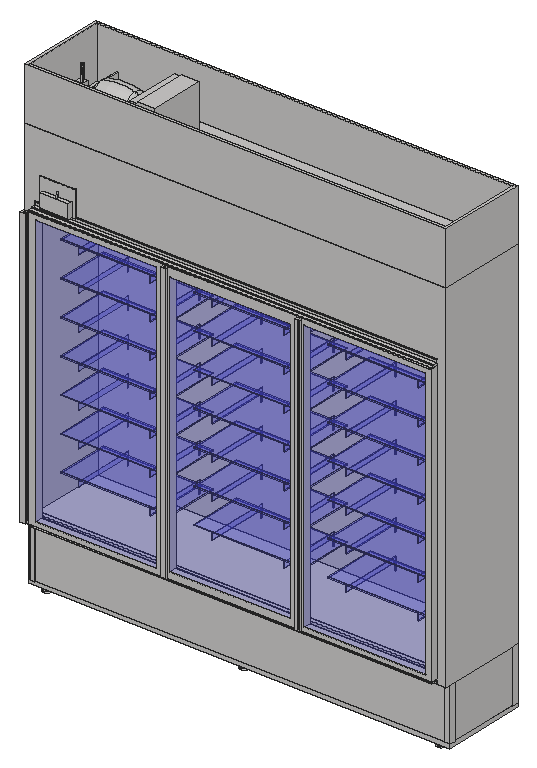
Revit family "Food-Service-Equipment_Oscartek_Muro_Gala-2274Sc_cat", category Specialty Equipment, Revit 2026 (continued)
Definition of nested family "MURO GALA 2274SC"
  Forms (in)
    Extrusion 27, solid, visible <- "Wine Shelf"
      sketch origin (52.46875, 6.33903, 48) x (0, 1, 0) y (0, 0, -1)
        loop
          line (-21.88361, 32.28425) -> (-21.6951, 32.28425) -> (-21.6951, 32.63395) -> (-15.25009, 32.63395) -> (-8.56962, 32.63395) -> (-8.56962, 35.36236) -> (-8.86913, 35.36236) -> (-8.86913, 33.80216) -> (-21.88361, 33.80216) -> (-21.88361, 32.28425)
      from 0 to 0.125
    Extrusion 28, solid, visible <- "Wine Shelf"
      sketch origin (80.90625, 6.33903, 48) x (0, 1, 0) y (0, 0, -1)
        loop
          line (-21.88361, -12.03383) -> (-21.6951, -12.03383) -> (-21.6951, -11.68413) -> (-15.25009, -11.68413) -> (-8.56962, -11.68413) -> (-8.56962, -8.95572) -> (-8.86913, -8.95572) -> (-8.86913, -10.51592) -> (-21.88361, -10.51592) -> (-21.88361, -12.03383)
        loop
          line (-21.88361, -4.64453) -> (-21.6951, -4.64453) -> (-21.6951, -4.29483) -> (-15.25009, -4.29483) -> (-8.56962, -4.29483) -> (-8.56962, -1.56642) -> (-8.86913, -1.56642) -> (-8.86913, -3.12662) -> (-21.88361, -3.12662) -> (-21.88361, -4.64453)
        loop
          line (-21.88361, 2.74477) -> (-21.6951, 2.74477) -> (-21.6951, 3.09447) -> (-15.25009, 3.09447) -> (-8.56962, 3.09447) -> (-8.56962, 5.82288) -> (-8.86913, 5.82288) -> (-8.86913, 4.26267) -> (-21.88361, 4.26267) -> (-21.88361, 2.74477)
        loop
          line (-21.88361, 10.13407) -> (-21.6951, 10.13407) -> (-21.6951, 10.48377) -> (-15.25009, 10.48377) -> (-8.56962, 10.48377) -> (-8.56962, 13.21217) -> (-8.86913, 13.21217) -> (-8.86913, 11.65197) -> (-21.88361, 11.65197) -> (-21.88361, 10.13407)
        loop
          line (-21.88361, 17.52337) -> (-21.6951, 17.52337) -> (-21.6951, 17.87307) -> (-15.25009, 17.87307) -> (-8.56962, 17.87307) -> (-8.56962, 20.60147) -> (-8.86913, 20.60147) -> (-8.86913, 19.04127) -> (-21.88361, 19.04127) -> (-21.88361, 17.52337)
        loop
          line (-21.88361, 24.91267) -> (-21.6951, 24.91267) -> (-21.6951, 25.26237) -> (-15.25009, 25.26237) -> (-8.56962, 25.26237) -> (-8.56962, 27.99077) -> (-8.86913, 27.99077) -> (-8.86913, 26.43057) -> (-21.88361, 26.43057) -> (-21.88361, 24.91267)
        loop
          line (-21.88361, 32.28425) -> (-21.6951, 32.28425) -> (-21.6951, 32.63395) -> (-15.25009, 32.63395) -> (-8.56962, 32.63395) -> (-8.56962, 35.36236) -> (-8.86913, 35.36236) -> (-8.86913, 33.80216) -> (-21.88361, 33.80216) -> (-21.88361, 32.28425)
      from 0 to 0.125
    Extrusion 29, solid, visible <- "Deli/Pastry"
      sketch origin (88.5625, 0, 0) x (0, 1, 0) y (0, 0, -1)
        loop
          line (-14.3619, -52.33424) -> (-14.3619, -52.64952) -> (-4.5494, -52.64952) -> (-4.5494, -52.33424) -> (-14.3619, -52.33424)
        loop
          line (-14.3619, -37.55564) -> (-14.3619, -37.87092) -> (-4.5494, -37.87092) -> (-4.5494, -37.55564) -> (-14.3619, -37.55564)
        loop
          line (-14.3619, -22.77704) -> (-14.3619, -23.09232) -> (-4.5494, -23.09232) -> (-4.5494, -22.77704) -> (-14.3619, -22.77704)
      from 3.625 to 27.0625
    Extrusion 30, solid, visible <- "Meat Shelf"
      sketch origin (80.90625, 6.33903, 48) x (0, 1, 0) y (0, 0, -1)
        loop
          line (-20.93778, 10.13407) -> (-20.74927, 10.13407) -> (-20.74927, 10.48377) -> (-8.56962, 10.48377) -> (-8.56962, 13.21217) -> (-8.86913, 13.21217) -> (-8.86913, 11.65497) -> (-20.93778, 11.65497) -> (-20.93778, 10.13407)
        loop
          line (-20.93778, 24.91267) -> (-20.74927, 24.91267) -> (-20.74927, 25.26237) -> (-8.56962, 25.26237) -> (-8.56962, 27.99077) -> (-8.86913, 27.99077) -> (-8.86913, 26.43356) -> (-20.93778, 26.43356) -> (-20.93778, 24.91267)
      from 0 to 0.125
    Extrusion 31, solid, visible <- "Meat Shelf"
      sketch origin (88.5625, 0, 0) x (0, 1, 0) y (0, 0, -1)
        loop
          line (-4.5494, -37.87092) -> (-4.5494, -37.55564) -> (-14.3619, -37.55564) -> (-14.3619, -37.87092) -> (-4.5494, -37.87092)
        loop
          line (-4.5494, -23.09232) -> (-4.5494, -22.77704) -> (-14.3619, -22.77704) -> (-14.3619, -23.09232) -> (-4.5494, -23.09232)
      from 3.625 to 27.0625
    Extrusion 32, solid, visible <- "Meat Shelf"
      sketch origin (65.53125, 6.33903, 48) x (0, 1, 0) y (0, 0, 1)
        loop
          line (-20.93778, -10.13407) -> (-20.93778, -11.65497) -> (-8.86913, -11.65497) -> (-8.86913, -13.21217) -> (-8.56962, -13.21217) -> (-8.56962, -10.48377) -> (-20.74927, -10.48377) -> (-20.74927, -10.13407) -> (-20.93778, -10.13407)
        loop
          line (-20.93778, -24.91267) -> (-20.93778, -26.43356) -> (-8.86913, -26.43356) -> (-8.86913, -27.99077) -> (-8.56962, -27.99077) -> (-8.56962, -25.26237) -> (-20.74927, -25.26237) -> (-20.74927, -24.91267) -> (-20.93778, -24.91267)
      from 0 to 0.125
    Extrusion 33, solid, visible <- "Deli/Pastry"
      sketch origin (80.90625, 6.33903, 48) x (0, 1, 0) y (0, 0, -1)
        loop
          line (-20.93778, -4.64453) -> (-20.74927, -4.64453) -> (-20.74927, -4.29483) -> (-15.25009, -4.29483) -> (-8.56962, -4.29483) -> (-8.56962, -1.56642) -> (-8.86913, -1.56642) -> (-8.86913, -3.12662) -> (-20.93778, -3.12662) -> (-20.93778, -4.64453)
        loop
          line (-20.93778, 10.13407) -> (-20.74927, 10.13407) -> (-20.74927, 10.48377) -> (-15.25009, 10.48377) -> (-8.56962, 10.48377) -> (-8.56962, 13.21217) -> (-8.86913, 13.21217) -> (-8.86913, 11.65197) -> (-20.93778, 11.65197) -> (-20.93778, 10.13407)
        loop
          line (-20.93778, 24.91267) -> (-20.74927, 24.91267) -> (-20.74927, 25.26237) -> (-15.25009, 25.26237) -> (-8.56962, 25.26237) -> (-8.56962, 27.99077) -> (-8.86913, 27.99077) -> (-8.86913, 26.43057) -> (-20.93778, 26.43057) -> (-20.93778, 24.91267)
      from 0 to 0.125
    Extrusion 34, solid, visible <- "Deli/Pastry"
      sketch origin (65.53125, 6.33903, 48) x (0, 1, 0) y (0, 0, 1)
        loop
          line (-20.93778, 4.64453) -> (-20.93778, 3.12662) -> (-8.86913, 3.12662) -> (-8.86913, 1.56642) -> (-8.56962, 1.56642) -> (-8.56962, 4.29483) -> (-15.25009, 4.29483) -> (-20.74927, 4.29483) -> (-20.74927, 4.64453) -> (-20.93778, 4.64453)
        loop
          line (-20.93778, -10.13407) -> (-20.93778, -11.65197) -> (-8.86913, -11.65197) -> (-8.86913, -13.21217) -> (-8.56962, -13.21217) -> (-8.56962, -10.48377) -> (-15.25009, -10.48377) -> (-20.74927, -10.48377) -> (-20.74927, -10.13407) -> (-20.93778, -10.13407)
        loop
          line (-20.93778, -24.91267) -> (-20.93778, -26.43057) -> (-8.86913, -26.43057) -> (-8.86913, -27.99077) -> (-8.56962, -27.99077) -> (-8.56962, -25.26237) -> (-15.25009, -25.26237) -> (-20.74927, -25.26237) -> (-20.74927, -24.91267) -> (-20.93778, -24.91267)
      from 0 to 0.125
    Extrusion 35, solid, visible <- "Wine Shelf"
      sketch origin (88.5625, 0, 0) x (0, 1, 0) y (0, 0, -1)
        loop
          line (-15.30773, -60.03383) -> (-3.87895, -60.03383) -> (-3.87895, -59.72354) -> (-15.30773, -59.72354) -> (-15.30773, -60.03383)
        loop
          line (-15.30773, -52.64453) -> (-3.87895, -52.64453) -> (-3.87895, -52.33424) -> (-15.30773, -52.33424) -> (-15.30773, -52.64453)
        loop
          line (-15.30773, -45.25523) -> (-3.87895, -45.25523) -> (-3.87895, -44.94494) -> (-15.30773, -44.94494) -> (-15.30773, -45.25523)
        loop
          line (-15.30773, -37.86593) -> (-3.87895, -37.86593) -> (-3.87895, -37.55564) -> (-15.30773, -37.55564) -> (-15.30773, -37.86593)
        loop
          line (-15.30773, -30.47663) -> (-3.87895, -30.47663) -> (-3.87895, -30.16634) -> (-15.30773, -30.16634) -> (-15.30773, -30.47663)
        loop
          line (-15.30773, -23.08733) -> (-3.87895, -23.08733) -> (-3.87895, -22.77704) -> (-15.30773, -22.77704) -> (-15.30773, -23.08733)
        loop
          line (-15.30773, -15.71575) -> (-3.87895, -15.71575) -> (-3.87895, -15.40546) -> (-15.30773, -15.40546) -> (-15.30773, -15.71575)
      from 3.625 to 27.0625
    Extrusion 36, solid, visible <- "Wine Shelf"
      sketch origin (65.53125, 6.33903, 48) x (0, 1, 0) y (0, 0, 1)
        loop
          line (-21.88361, 12.03383) -> (-21.88361, 10.51592) -> (-8.86913, 10.51592) -> (-8.86913, 8.95572) -> (-8.56962, 8.95572) -> (-8.56962, 11.68413) -> (-15.25009, 11.68413) -> (-21.6951, 11.68413) -> (-21.6951, 12.03383) -> (-21.88361, 12.03383)
        loop
          line (-21.88361, 4.64453) -> (-21.88361, 3.12662) -> (-8.86913, 3.12662) -> (-8.86913, 1.56642) -> (-8.56962, 1.56642) -> (-8.56962, 4.29483) -> (-15.25009, 4.29483) -> (-21.6951, 4.29483) -> (-21.6951, 4.64453) -> (-21.88361, 4.64453)
        loop
          line (-21.88361, -2.74477) -> (-21.88361, -4.26267) -> (-8.86913, -4.26267) -> (-8.86913, -5.82288) -> (-8.56962, -5.82288) -> (-8.56962, -3.09447) -> (-15.25009, -3.09447) -> (-21.6951, -3.09447) -> (-21.6951, -2.74477) -> (-21.88361, -2.74477)
        loop
          line (-21.88361, -10.13407) -> (-21.88361, -11.65197) -> (-8.86913, -11.65197) -> (-8.86913, -13.21217) -> (-8.56962, -13.21217) -> (-8.56962, -10.48377) -> (-15.25009, -10.48377) -> (-21.6951, -10.48377) -> (-21.6951, -10.13407) -> (-21.88361, -10.13407)
        loop
          line (-21.88361, -17.52337) -> (-21.88361, -19.04127) -> (-8.86913, -19.04127) -> (-8.86913, -20.60147) -> (-8.56962, -20.60147) -> (-8.56962, -17.87307) -> (-15.25009, -17.87307) -> (-21.6951, -17.87307) -> (-21.6951, -17.52337) -> (-21.88361, -17.52337)
        loop
          line (-21.88361, -24.91267) -> (-21.88361, -26.43057) -> (-8.86913, -26.43057) -> (-8.86913, -27.99077) -> (-8.56962, -27.99077) -> (-8.56962, -25.26237) -> (-15.25009, -25.26237) -> (-21.6951, -25.26237) -> (-21.6951, -24.91267) -> (-21.88361, -24.91267)
        loop
          line (-21.88361, -32.28425) -> (-21.88361, -33.80216) -> (-8.86913, -33.80216) -> (-8.86913, -35.36236) -> (-8.56962, -35.36236) -> (-8.56962, -32.63395) -> (-15.25009, -32.63395) -> (-21.6951, -32.63395) -> (-21.6951, -32.28425) -> (-21.88361, -32.28425)
      from 0 to 0.125
  Cuts and joins
    joined: Extrusion 6, Extrusion 7, Extrusion 8
  Lines and regions (in)
    Split face 1
      outline origin (87.5, 0, 6.0625) x (-1, 0, 0) y (0, 0, 1)
        loop
          circle (42.75, 70.75652) r 0.5
    symbolic lines
      curve 1: line (0, 0, 0) -> (89.5, 0, 0)
      curve 2: line (0, -18.875, 0) -> (0, 0, 0)
      curve 3: line (89.5, -18.875, 0) -> (0, -18.875, 0)
      curve 4: line (89.5, 0, 0) -> (89.5, -18.875, 0)
      curve 5: line (0.875, -18.875, 0) -> (0.875, -20.31325, 0)
      curve 6: line (87.58411, -20.31325, 0) -> (0.875, -20.31325, 0)
      curve 7: line (87.58411, -20.31325, 0) -> (87.58411, -18.875, 0)
      curve 8: line (31.81745, -21.25, 0) -> (30.66062, -21.25, 0)
      curve 9: line (30.66062, -21.25, 0) -> (30.66062, -20.31325, 0)
      curve 10: line (31.81745, -21.05297, 0) -> (31.81745, -21.25, 0)
      curve 11: line (31.81745, -21.05297, 0) -> (31.26574, -21.05297, 0)
      curve 12: line (31.26574, -21.05297, 0) -> (31.26574, -20.31325, 0)
      curve 13: arc (0.89922, -20.31325, 0) -> (1.89745, -27.91651, 0) -> (4.82448, -35.00443, 0) r 29.45512
      curve 14: arc (30.66062, -20.26476, 0) -> (31.63339, -27.65365, 0) -> (34.48539, -34.539, 0) r 28.54848
      curve 15: line (4.82448, -35.00443, 0) -> (30.35434, -20.31325, 0)
      curve 16: line (34.48539, -34.539, 0) -> (59.20911, -20.26476, 0)
      curve 17: line (0.875, -20.31325, 0) -> (0.875, -21.25, 0)
      curve 18: line (0.875, -21.25, 0) -> (1.94625, -21.25, 0)
      curve 19: line (1.94625, -21.25, 0) -> (1.94625, -21.05297, 0)
      curve 20: line (1.94625, -21.05297, 0) -> (1.39454, -21.05297, 0)
      curve 21: line (1.39454, -21.05297, 0) -> (1.39454, -20.31325, 0)
      curve 22: line (60.30003, -21.25, 0) -> (59.14321, -21.25, 0)
      curve 23: line (59.14321, -21.25, 0) -> (59.14321, -20.31325, 0)
      curve 24: line (60.30003, -21.05297, 0) -> (60.30003, -21.25, 0)
      curve 25: line (60.30003, -21.05297, 0) -> (59.74832, -21.05297, 0)
      curve 26: line (59.74832, -21.05297, 0) -> (59.74832, -20.31325, 0)
      curve 27: arc (59.14321, -20.26476, 0) -> (60.11598, -27.65365, 0) -> (62.96798, -34.539, 0) r 28.54848
      curve 28: line (62.96798, -34.539, 0) -> (87.69169, -20.26476, 0)
  Dimensions and locks (in)
    equal spacing: plane 3 "LEFT", plane 7 "Center Y", plane 4 "RIGHT"
    "Length": plane 3 "LEFT" to plane 4 "RIGHT"
    equal spacing: plane 5 "FRONT", plane 8 "Center X", plane 1 "BACK"
    "Depth": plane 5 "FRONT" to plane 1 "BACK"
    "Height": plane 6 "TOP" to level
    plane 1 "BACK" to plane 9 = 18 7/8"
    plane 14 to plane 1 "BACK" = 17 7/8"
    plane 5 "FRONT" to plane 1 "BACK" = 21 1/4"
    plane 6 "TOP" to plane 2 = 82 3/16"
    Extrusion 4 to Extrusion 4 = 59 1/16"
    cut or joined group of Extrusion 6, Extrusion 7, Extrusion 8 to Extrusion 1 = 76 1/8"
    plane 6 "TOP" to plane 19 = 76 1/8"
    plane 2 to plane 19 = 6 1/16"
    Extrusion 5 to Extrusion 5 = 59 9/16"
    aligned and locked: level to plane 2
  Automatic sketch dimensions
    curve 3 to plane 3 "LEFT" = 0"
    plane 5 "FRONT" to curve 18 = 0"
    plane 9 to curve 5 = 0"
    plane 5 "FRONT" to curve 8 = 0"
    plane 5 "FRONT" to curve 22 = 0"
    plane 1 "BACK" to curve 1 = 0"
    curve 1 to plane 4 "RIGHT" = 0"
    curve 18 to plane 16 = 1/16"
    curve 21 to plane 5 "FRONT" = 0.19703"
    curve 17 to curve 21 = 133/256"
    curve 20 to curve 18 = 0.55171"
    curve 15 to plane 16 = 4.01198"
    curve 13 to curve 8 = 0.30628"
    curve 11 to plane 5 "FRONT" = 0.19703"
    curve 8 to curve 11 = 0.60511"
    curve 11 to curve 11 = 0.55171"
    curve 16 to plane 17 = 1.42289"
    plane 7 "Center Y" to curve 22 = 14.39321"
    curve 23 to curve 14 = 0.0659"
    curve 26 to plane 5 "FRONT" = 0.19703"
    curve 22 to curve 26 = 0.60511"
    curve 25 to curve 22 = 0.55171"
    curve 22 to curve 28 = 2.66795"
    curve 7 to plane 5 "FRONT" = 0.93675"
    plane 4 "RIGHT" to curve 7 = 1.91589"
    curve 6 to curve 27 = 0.10759"
    plane 5 "FRONT" to curve 28 = 13.289"
    plane 5 "FRONT" to curve 16 = 13.289"
    plane 5 "FRONT" to curve 15 = 13.75443"
    curve 6 to curve 27 = 0.04849"
    curve 27 to curve 14 = 0"
    curve 15 to curve 13 = 0"
    curve 16 to plane 5 "FRONT" = 0.98524"
    curve 16 to curve 14 = 0"
    curve 28 to curve 27 = 0"  (x2)
    Extrusion 1 sketch curve to plane 9 = 0"
    Extrusion 1 sketch curve to plane 9 = 0.16595"  (x2)
    Extrusion 1 sketch curve to plane 9 = 0.17479"
    Extrusion 1 sketch curve to plane 14 = 0.03556"
    Extrusion 1 sketch curve to plane 14 = 0.01696"
    plane 9 to Extrusion 1 sketch curve = 0.03103"
    plane 9 to Extrusion 1 sketch curve = 0.83928"
    Extrusion 1 sketch curve to plane 5 "FRONT" = 0.93901"
    Extrusion 1 sketch curve to Extrusion 1 sketch curve = 0.59897"
    Extrusion 1 sketch curve to Extrusion 1 sketch curve = 0.64258"
    Extrusion 1 sketch curve to Extrusion 1 sketch curve = 0.11815"
    Extrusion 1 sketch curve to Extrusion 1 sketch curve = 1.74058"
    Extrusion 1 sketch curve to plane 6 "TOP" = 15.6731"
    Extrusion 1 sketch curve to Extrusion 1 sketch curve = 0.30546"
    Extrusion 1 sketch curve to Extrusion 1 sketch curve = 1/8"
    Extrusion 1 sketch curve to Extrusion 1 sketch curve = 21/64"
    Extrusion 1 sketch curve to Extrusion 1 sketch curve = 0.66147"
    Extrusion 1 sketch curve to Extrusion 1 sketch curve = 0.19053"
    Extrusion 2 sketch curve to plane 11 = 0"  (x3)
    Extrusion 2 sketch curve to plane 10 = 1/2"  (x3)
    Extrusion 2 sketch curve to plane 11 = 1 1/16"  (x2)
    Extrusion 2 sketch curve to plane 11 = 1.96547"
    plane 10 to Extrusion 2 sketch curve = 1.04766"
    plane 10 to Extrusion 2 sketch curve = 9/16"  (x2)
    Extrusion 2 sketch curve to plane 16 = 2.63894"
    Extrusion 2 sketch curve to plane 16 = 1.10818"
    Extrusion 2 sketch curve to Extrusion 2 sketch curve = 0.39186"
    plane 17 to Extrusion 2 sketch curve = 1.13805"
    plane 7 "Center Y" to Extrusion 2 sketch curve = 12.80185"
    Extrusion 2 sketch curve to Extrusion 2 sketch curve = 1.23435"
    Extrusion 2 sketch curve to Extrusion 2 sketch curve = 0.38648"
    Extrusion 2 sketch curve to Extrusion 2 sketch curve = 1.23972"
    plane 4 "RIGHT" to Extrusion 2 sketch curve = 3.15253"
    Extrusion 2 sketch curve to Extrusion 2 sketch curve = 1.23663"
    Extrusion 3 sketch curve to plane 13 = 1 1/16"  (x2)
    Extrusion 3 sketch curve to plane 13 = 1.96547"
    plane 12 to Extrusion 3 sketch curve = 1.04766"
    plane 12 to Extrusion 3 sketch curve = 9/16"  (x2)
    Extrusion 3 sketch curve to plane 16 = 2.63894"
    plane 17 to Extrusion 3 sketch curve = 1.13805"
    plane 7 "Center Y" to Extrusion 3 sketch curve = 12.80185"
    Extrusion 3 sketch curve to Extrusion 3 sketch curve = 2.86055"
    plane 4 "RIGHT" to Extrusion 3 sketch curve = 3.15253"
    Extrusion 4 sketch curve to Extrusion 2 = 0"
    Extrusion 2 to Extrusion 4 sketch curve = 0"  (x2)
    Extrusion 2 to Extrusion 4 sketch curve = 1.04568"
    Extrusion 4 sketch curve to Extrusion 4 sketch curve = 133/256"
    Extrusion 4 sketch curve to Extrusion 2 = 0.02558"
    Extrusion 4 sketch curve to Extrusion 2 = 0.39186"
    Extrusion 4 sketch curve to Extrusion 4 sketch curve = 0.57564"  (x2)
    Extrusion 4 sketch curve to Extrusion 4 sketch curve = 0.55171"  (x2)
    Extrusion 4 sketch curve to Extrusion 4 sketch curve = 27.35524"
    Extrusion 4 sketch curve to Extrusion 2 = 0.78821"  (x3)
    Extrusion 4 sketch curve to Extrusion 4 sketch curve = 0.19703"  (x3)
    Extrusion 5 sketch curve to Extrusion 2 = 0"  (x2)
    Extrusion 2 to Extrusion 5 sketch curve = 0"  (x2)
    Extrusion 2 to Extrusion 5 sketch curve = 1.02142"
    Extrusion 5 sketch curve to Extrusion 5 sketch curve = 0.39186"
    Extrusion 5 sketch curve to Extrusion 2 = 28.0961"
    Extrusion 5 sketch curve to Extrusion 5 sketch curve = 0.38648"
    Extrusion 5 sketch curve to Extrusion 5 sketch curve = 28.41142"
    Extrusion 6 sketch curve to plane 6 "TOP" = 0"
    Extrusion 6 sketch curve to plane 9 = 0"
    Extrusion 6 sketch curve to plane 1 "BACK" = 0"
    Extrusion 6 sketch curve to plane 14 = 0.03556"
    Extrusion 6 sketch curve to plane 14 = 0.01696"
    plane 15 to Extrusion 6 sketch curve = 0.15764"
    plane 1 "BACK" to Extrusion 6 sketch curve = 2.08871"
    Extrusion 6 sketch curve to plane 6 "TOP" = 15.6731"
    Extrusion 6 sketch curve to Extrusion 6 sketch curve = 1.4856"
    Extrusion 6 sketch curve to Extrusion 6 sketch curve = 4.27825"
    Extrusion 7 sketch curve to plane 6 "TOP" = 0"
    Extrusion 7 sketch curve to plane 9 = 0"
    Extrusion 7 sketch curve to plane 1 "BACK" = 0"
    Extrusion 8 sketch curve to plane 1 "BACK" = 0"
    Extrusion 8 sketch curve to plane 9 = 0"
    Extrusion 8 sketch curve to plane 6 "TOP" = 0"
    Split face 1 sketch curve to cut or joined group of Extrusion 6, Extrusion 7, Extrusion 8 = 70.75652"
    Split face 1 sketch curve to cut or joined group of Extrusion 6, Extrusion 7, Extrusion 8 = 44 3/4"
    Extrusion 9 sketch curve to plane 8 "Center X" = 0.40481"
    Extrusion 9 sketch curve to plane 8 "Center X" = 0.17499"
    plane 8 "Center X" to Extrusion 9 sketch curve = 0.10088"
    plane 8 "Center X" to Extrusion 9 sketch curve = 0.18634"
    Extrusion 9 sketch curve to Extrusion 9 sketch curve = 1.18229"  (x3)
    Extrusion 9 sketch curve to Extrusion 9 sketch curve = 0.08546"
    Extrusion 9 sketch curve to Extrusion 9 sketch curve = 0.27587"
    Extrusion 9 sketch curve to Extrusion 9 sketch curve = 0.22982"
    Extrusion 9 sketch curve to plane 6 "TOP" = 19.30897"
    Extrusion 9 sketch curve to Extrusion 9 sketch curve = 0.15764"  (x3)
    Extrusion 9 sketch curve to Extrusion 9 sketch curve = 0.3941"  (x2)
    plane 15 to Extrusion 10 sketch curve = 1.55919"  (x7)
    Extrusion 10 sketch curve to Extrusion 10 sketch curve = 0.1885"  (x7)
    plane 8 "Center X" to Extrusion 10 sketch curve = 1.71395"  (x7)
    plane 1 "BACK" to Extrusion 10 sketch curve = 2.5301"  (x7)
    Extrusion 10 sketch curve to Extrusion 10 sketch curve = 0.29951"  (x7)
    Extrusion 10 sketch curve to Extrusion 10 sketch curve = 1.16821"  (x7)
    Extrusion 10 sketch curve to Extrusion 10 sketch curve = 0.3497"  (x7)
    Extrusion 10 sketch curve to Extrusion 10 sketch curve = 4.64318"
    Extrusion 10 sketch curve to Extrusion 10 sketch curve = 5.85368"
    Extrusion 10 sketch curve to Extrusion 10 sketch curve = 4.66089"  (x5)
    Extrusion 10 sketch curve to Extrusion 10 sketch curve = 5.8714"
    Extrusion 10 sketch curve to Extrusion 10 sketch curve = 1.5602"  (x5)
    plane 15 to Extrusion 11 sketch curve = 2.74186"  (x3)
    plane 1 "BACK" to Extrusion 11 sketch curve = 4.5494"  (x3)
    Extrusion 11 sketch curve to Extrusion 11 sketch curve = 0.31528"  (x3)
    Extrusion 11 sketch curve to Extrusion 11 sketch curve = 14.46332"  (x2)
    plane 15 to Extrusion 12 sketch curve = 2.50502"  (x2)
    Extrusion 12 sketch curve to Extrusion 12 sketch curve = 0.1885"  (x2)
    plane 1 "BACK" to Extrusion 12 sketch curve = 2.5301"  (x2)
    Extrusion 12 sketch curve to Extrusion 12 sketch curve = 0.29951"  (x2)
    Extrusion 12 sketch curve to Extrusion 12 sketch curve = 1.55721"  (x2)
    Extrusion 12 sketch curve to Extrusion 12 sketch curve = 1.1712"  (x2)
    Extrusion 12 sketch curve to Extrusion 12 sketch curve = 0.3497"  (x2)
    Extrusion 12 sketch curve to Extrusion 12 sketch curve = 12.05019"
    plane 15 to Extrusion 13 sketch curve = 2.74186"  (x2)
    plane 1 "BACK" to Extrusion 13 sketch curve = 4.5494"  (x2)
    Extrusion 13 sketch curve to Extrusion 13 sketch curve = 0.31528"  (x2)
    Extrusion 13 sketch curve to Extrusion 13 sketch curve = 14.46332"
    plane 15 to Extrusion 14 sketch curve = 2.50502"  (x2)
    Extrusion 14 sketch curve to Extrusion 14 sketch curve = 0.1885"  (x2)
    plane 1 "BACK" to Extrusion 14 sketch curve = 2.5301"  (x2)
    Extrusion 14 sketch curve to Extrusion 14 sketch curve = 0.29951"  (x2)
    Extrusion 14 sketch curve to Extrusion 14 sketch curve = 0.3497"  (x2)
    Extrusion 14 sketch curve to Extrusion 14 sketch curve = 1.1712"  (x2)
    Extrusion 14 sketch curve to Extrusion 14 sketch curve = 1.55721"  (x2)
    Extrusion 14 sketch curve to Extrusion 14 sketch curve = 13.2577"
    plane 15 to Extrusion 15 sketch curve = 2.50502"  (x3)
    Extrusion 15 sketch curve to Extrusion 15 sketch curve = 0.1885"  (x3)
    plane 8 "Center X" to Extrusion 15 sketch curve = 1.71395"  (x3)
    plane 1 "BACK" to Extrusion 15 sketch curve = 2.5301"  (x3)
    Extrusion 15 sketch curve to Extrusion 15 sketch curve = 0.29951"  (x3)
    Extrusion 15 sketch curve to Extrusion 15 sketch curve = 1.5602"  (x3)
    Extrusion 15 sketch curve to Extrusion 15 sketch curve = 1.16821"  (x3)
    Extrusion 15 sketch curve to Extrusion 15 sketch curve = 0.3497"  (x3)
    Extrusion 15 sketch curve to Extrusion 15 sketch curve = 12.05019"  (x2)
    plane 15 to Extrusion 16 sketch curve = 2.50502"  (x3)
    Extrusion 16 sketch curve to Extrusion 16 sketch curve = 0.1885"  (x3)
    plane 8 "Center X" to Extrusion 16 sketch curve = 1.71395"  (x3)
    plane 1 "BACK" to Extrusion 16 sketch curve = 2.5301"  (x3)
    Extrusion 16 sketch curve to Extrusion 16 sketch curve = 0.29951"  (x3)
    Extrusion 16 sketch curve to plane 6 "TOP" = 29 139/256"
    Extrusion 16 sketch curve to Extrusion 16 sketch curve = 0.3497"  (x3)
    Extrusion 16 sketch curve to Extrusion 16 sketch curve = 1.16821"  (x3)
    Extrusion 16 sketch curve to Extrusion 16 sketch curve = 1.5602"  (x3)
    Extrusion 16 sketch curve to Extrusion 16 sketch curve = 13.26069"  (x2)
    plane 15 to Extrusion 17 sketch curve = 1.79603"  (x7)
    plane 1 "BACK" to Extrusion 17 sketch curve = 3.87895"  (x7)
    Extrusion 17 sketch curve to Extrusion 17 sketch curve = 0.31029"  (x7)
    Extrusion 17 sketch curve to Extrusion 17 sketch curve = 7.0613"
    Extrusion 17 sketch curve to Extrusion 17 sketch curve = 7.07901"  (x5)
    plane 15 to Extrusion 18 sketch curve = 1.55919"  (x7)
    Extrusion 18 sketch curve to Extrusion 18 sketch curve = 0.1885"  (x7)
    plane 8 "Center X" to Extrusion 18 sketch curve = 1.71395"  (x7)
    plane 1 "BACK" to Extrusion 18 sketch curve = 2.5301"  (x7)
    Extrusion 18 sketch curve to Extrusion 18 sketch curve = 0.29951"  (x7)
    Extrusion 18 sketch curve to plane 6 "TOP" = 22.15367"
    Extrusion 18 sketch curve to Extrusion 18 sketch curve = 0.3497"  (x7)
    Extrusion 18 sketch curve to Extrusion 18 sketch curve = 1.16821"  (x7)
    Extrusion 18 sketch curve to Extrusion 18 sketch curve = 1.5602"  (x7)
    Extrusion 18 sketch curve to Extrusion 18 sketch curve = 5.8714"  (x5)
    Extrusion 18 sketch curve to Extrusion 18 sketch curve = 5.85368"
    plane 15 to Extrusion 19 sketch curve = 1.55919"  (x7)
    Extrusion 19 sketch curve to Extrusion 19 sketch curve = 0.1885"  (x7)
    plane 8 "Center X" to Extrusion 19 sketch curve = 1.71395"  (x7)
    plane 1 "BACK" to Extrusion 19 sketch curve = 2.5301"  (x7)
    Extrusion 19 sketch curve to Extrusion 19 sketch curve = 0.29951"  (x7)
    Extrusion 19 sketch curve to Extrusion 19 sketch curve = 1.16821"  (x7)
    Extrusion 19 sketch curve to Extrusion 19 sketch curve = 0.3497"  (x7)
    Extrusion 19 sketch curve to Extrusion 19 sketch curve = 4.64318"
    Extrusion 19 sketch curve to Extrusion 19 sketch curve = 5.85368"
    Extrusion 19 sketch curve to Extrusion 19 sketch curve = 4.66089"  (x5)
    Extrusion 19 sketch curve to Extrusion 19 sketch curve = 5.8714"
    Extrusion 19 sketch curve to Extrusion 19 sketch curve = 1.5602"  (x5)
    plane 15 to Extrusion 20 sketch curve = 2.74186"  (x3)
    plane 1 "BACK" to Extrusion 20 sketch curve = 4.5494"  (x3)
    Extrusion 20 sketch curve to Extrusion 20 sketch curve = 0.31528"  (x3)
    Extrusion 20 sketch curve to Extrusion 20 sketch curve = 14.46332"  (x2)
    plane 15 to Extrusion 21 sketch curve = 2.50502"  (x2)
    Extrusion 21 sketch curve to Extrusion 21 sketch curve = 0.1885"  (x2)
    plane 1 "BACK" to Extrusion 21 sketch curve = 2.5301"  (x2)
    Extrusion 21 sketch curve to Extrusion 21 sketch curve = 0.29951"  (x2)
    Extrusion 21 sketch curve to Extrusion 21 sketch curve = 1.55721"  (x2)
    Extrusion 21 sketch curve to Extrusion 21 sketch curve = 1.1712"  (x2)
    Extrusion 21 sketch curve to Extrusion 21 sketch curve = 0.3497"  (x2)
    Extrusion 21 sketch curve to Extrusion 21 sketch curve = 12.05019"
    plane 15 to Extrusion 22 sketch curve = 2.74186"  (x2)
    plane 1 "BACK" to Extrusion 22 sketch curve = 4.5494"  (x2)
    Extrusion 22 sketch curve to Extrusion 22 sketch curve = 0.31528"  (x2)
    Extrusion 22 sketch curve to Extrusion 22 sketch curve = 14.46332"
    plane 15 to Extrusion 23 sketch curve = 2.50502"  (x2)
    Extrusion 23 sketch curve to Extrusion 23 sketch curve = 0.1885"  (x2)
    plane 1 "BACK" to Extrusion 23 sketch curve = 2.5301"  (x2)
    Extrusion 23 sketch curve to Extrusion 23 sketch curve = 0.29951"  (x2)
    Extrusion 23 sketch curve to Extrusion 23 sketch curve = 0.3497"  (x2)
    Extrusion 23 sketch curve to Extrusion 23 sketch curve = 1.1712"  (x2)
    Extrusion 23 sketch curve to Extrusion 23 sketch curve = 1.55721"  (x2)
    Extrusion 23 sketch curve to Extrusion 23 sketch curve = 13.2577"
    plane 15 to Extrusion 24 sketch curve = 2.50502"  (x3)
    Extrusion 24 sketch curve to Extrusion 24 sketch curve = 0.1885"  (x3)
    plane 8 "Center X" to Extrusion 24 sketch curve = 1.71395"  (x3)
    plane 1 "BACK" to Extrusion 24 sketch curve = 2.5301"  (x3)
    Extrusion 24 sketch curve to Extrusion 24 sketch curve = 0.29951"  (x3)
    Extrusion 24 sketch curve to Extrusion 24 sketch curve = 1.5602"  (x3)
    Extrusion 24 sketch curve to Extrusion 24 sketch curve = 1.16821"  (x3)
    Extrusion 24 sketch curve to Extrusion 24 sketch curve = 0.3497"  (x3)
    Extrusion 24 sketch curve to Extrusion 24 sketch curve = 12.05019"  (x2)
    plane 15 to Extrusion 25 sketch curve = 2.50502"  (x3)
    Extrusion 25 sketch curve to Extrusion 25 sketch curve = 0.1885"  (x3)
    plane 8 "Center X" to Extrusion 25 sketch curve = 1.71395"  (x3)
    plane 1 "BACK" to Extrusion 25 sketch curve = 2.5301"  (x3)
    Extrusion 25 sketch curve to Extrusion 25 sketch curve = 0.29951"  (x3)
    Extrusion 25 sketch curve to plane 6 "TOP" = 29 139/256"
    Extrusion 25 sketch curve to Extrusion 25 sketch curve = 0.3497"  (x3)
    Extrusion 25 sketch curve to Extrusion 25 sketch curve = 1.16821"  (x3)
    Extrusion 25 sketch curve to Extrusion 25 sketch curve = 1.5602"  (x3)
    Extrusion 25 sketch curve to Extrusion 25 sketch curve = 13.26069"  (x2)
    plane 15 to Extrusion 26 sketch curve = 1.79603"  (x7)
    plane 1 "BACK" to Extrusion 26 sketch curve = 3.87895"  (x7)
    Extrusion 26 sketch curve to Extrusion 26 sketch curve = 0.31029"  (x7)
    Extrusion 26 sketch curve to Extrusion 26 sketch curve = 7.0613"
    Extrusion 26 sketch curve to Extrusion 26 sketch curve = 7.07901"  (x5)
    plane 15 to Extrusion 27 sketch curve = 1.55919"  (x7)
    Extrusion 27 sketch curve to Extrusion 27 sketch curve = 0.1885"  (x7)
    plane 8 "Center X" to Extrusion 27 sketch curve = 1.71395"  (x7)
    plane 1 "BACK" to Extrusion 27 sketch curve = 2.5301"  (x7)
    Extrusion 27 sketch curve to Extrusion 27 sketch curve = 0.29951"  (x7)
    Extrusion 27 sketch curve to plane 6 "TOP" = 22.15367"
    Extrusion 27 sketch curve to Extrusion 27 sketch curve = 0.3497"  (x7)
    Extrusion 27 sketch curve to Extrusion 27 sketch curve = 1.16821"  (x7)
    Extrusion 27 sketch curve to Extrusion 27 sketch curve = 1.5602"  (x7)
    Extrusion 27 sketch curve to Extrusion 27 sketch curve = 5.8714"  (x5)
    Extrusion 27 sketch curve to Extrusion 27 sketch curve = 5.85368"
    plane 15 to Extrusion 28 sketch curve = 1.55919"  (x7)
    Extrusion 28 sketch curve to Extrusion 28 sketch curve = 0.1885"  (x7)
    plane 8 "Center X" to Extrusion 28 sketch curve = 1.71395"  (x7)
    plane 1 "BACK" to Extrusion 28 sketch curve = 2.5301"  (x7)
    Extrusion 28 sketch curve to Extrusion 28 sketch curve = 0.29951"  (x7)
    Extrusion 28 sketch curve to plane 6 "TOP" = 22.15367"
    Extrusion 28 sketch curve to Extrusion 28 sketch curve = 0.3497"  (x7)
    Extrusion 28 sketch curve to Extrusion 28 sketch curve = 1.16821"  (x7)
    Extrusion 28 sketch curve to Extrusion 28 sketch curve = 1.5602"  (x7)
    Extrusion 28 sketch curve to Extrusion 28 sketch curve = 5.8714"  (x5)
    Extrusion 28 sketch curve to Extrusion 28 sketch curve = 5.85368"
    plane 15 to Extrusion 29 sketch curve = 2.74186"  (x3)
    plane 1 "BACK" to Extrusion 29 sketch curve = 4.5494"  (x3)
    Extrusion 29 sketch curve to plane 6 "TOP" = 29.53798"
    Extrusion 29 sketch curve to Extrusion 29 sketch curve = 0.31528"  (x3)
    Extrusion 29 sketch curve to Extrusion 29 sketch curve = 14.46332"  (x2)
    plane 15 to Extrusion 30 sketch curve = 2.50502"  (x2)
    Extrusion 30 sketch curve to Extrusion 30 sketch curve = 0.1885"  (x2)
    plane 1 "BACK" to Extrusion 30 sketch curve = 2.5301"  (x2)
    Extrusion 30 sketch curve to Extrusion 30 sketch curve = 0.29951"  (x2)
    Extrusion 30 sketch curve to Extrusion 30 sketch curve = 0.3497"  (x2)
    Extrusion 30 sketch curve to Extrusion 30 sketch curve = 1.1712"  (x2)
    Extrusion 30 sketch curve to Extrusion 30 sketch curve = 1.55721"  (x2)
    Extrusion 30 sketch curve to Extrusion 30 sketch curve = 13.2577"
    plane 15 to Extrusion 31 sketch curve = 2.74186"  (x2)
    plane 1 "BACK" to Extrusion 31 sketch curve = 4.5494"  (x2)
    Extrusion 31 sketch curve to Extrusion 31 sketch curve = 0.31528"  (x2)
    Extrusion 31 sketch curve to Extrusion 31 sketch curve = 14.46332"
    plane 15 to Extrusion 32 sketch curve = 2.50502"  (x2)
    Extrusion 32 sketch curve to Extrusion 32 sketch curve = 0.1885"  (x2)
    plane 1 "BACK" to Extrusion 32 sketch curve = 2.5301"  (x2)
    Extrusion 32 sketch curve to Extrusion 32 sketch curve = 0.29951"  (x2)
    Extrusion 32 sketch curve to Extrusion 32 sketch curve = 1.55721"  (x2)
    Extrusion 32 sketch curve to Extrusion 32 sketch curve = 1.1712"  (x2)
    Extrusion 32 sketch curve to Extrusion 32 sketch curve = 0.3497"  (x2)
    Extrusion 32 sketch curve to Extrusion 32 sketch curve = 12.05019"
    plane 15 to Extrusion 33 sketch curve = 2.50502"  (x3)
    Extrusion 33 sketch curve to Extrusion 33 sketch curve = 0.1885"  (x3)
    plane 8 "Center X" to Extrusion 33 sketch curve = 1.71395"  (x3)
    plane 1 "BACK" to Extrusion 33 sketch curve = 2.5301"  (x3)
    Extrusion 33 sketch curve to Extrusion 33 sketch curve = 0.29951"  (x3)
    Extrusion 33 sketch curve to plane 6 "TOP" = 29 139/256"
    Extrusion 33 sketch curve to Extrusion 33 sketch curve = 0.3497"  (x3)
    Extrusion 33 sketch curve to Extrusion 33 sketch curve = 1.16821"  (x3)
    Extrusion 33 sketch curve to Extrusion 33 sketch curve = 1.5602"  (x3)
    Extrusion 33 sketch curve to Extrusion 33 sketch curve = 13.26069"  (x2)
    plane 15 to Extrusion 34 sketch curve = 2.50502"  (x3)
    Extrusion 34 sketch curve to Extrusion 34 sketch curve = 0.1885"  (x3)
    plane 8 "Center X" to Extrusion 34 sketch curve = 1.71395"  (x3)
    plane 1 "BACK" to Extrusion 34 sketch curve = 2.5301"  (x3)
    Extrusion 34 sketch curve to Extrusion 34 sketch curve = 0.29951"  (x3)
    Extrusion 34 sketch curve to Extrusion 34 sketch curve = 1.5602"  (x3)
    Extrusion 34 sketch curve to Extrusion 34 sketch curve = 1.16821"  (x3)
    Extrusion 34 sketch curve to Extrusion 34 sketch curve = 0.3497"  (x3)
    Extrusion 34 sketch curve to Extrusion 34 sketch curve = 12.05019"  (x2)
    plane 15 to Extrusion 35 sketch curve = 1.79603"  (x7)
    plane 1 "BACK" to Extrusion 35 sketch curve = 3.87895"  (x7)
    Extrusion 35 sketch curve to plane 6 "TOP" = 22.15367"
    Extrusion 35 sketch curve to Extrusion 35 sketch curve = 0.31029"  (x7)
    Extrusion 35 sketch curve to Extrusion 35 sketch curve = 7.07901"  (x5)
    Extrusion 35 sketch curve to Extrusion 35 sketch curve = 7.0613"
    plane 15 to Extrusion 36 sketch curve = 1.55919"  (x7)
    Extrusion 36 sketch curve to Extrusion 36 sketch curve = 0.1885"  (x7)
    plane 8 "Center X" to Extrusion 36 sketch curve = 1.71395"  (x7)
    plane 1 "BACK" to Extrusion 36 sketch curve = 2.5301"  (x7)
    Extrusion 36 sketch curve to Extrusion 36 sketch curve = 0.29951"  (x7)
    Extrusion 36 sketch curve to Extrusion 36 sketch curve = 1.16821"  (x7)
    Extrusion 36 sketch curve to Extrusion 36 sketch curve = 0.3497"  (x7)
    Extrusion 36 sketch curve to Extrusion 36 sketch curve = 4.64318"
    Extrusion 36 sketch curve to Extrusion 36 sketch curve = 5.85368"
    Extrusion 36 sketch curve to Extrusion 36 sketch curve = 4.66089"  (x5)
    Extrusion 36 sketch curve to Extrusion 36 sketch curve = 5.8714"
    Extrusion 36 sketch curve to Extrusion 36 sketch curve = 1.5602"  (x5)
    level to Extrusion 1 sketch curve = 8.56381"
    level to Extrusion 6 sketch curve = 8.52825"
    Extrusion 6 sketch curve to Extrusion 6 sketch curve = 2.46575"
    level to Extrusion 7 sketch curve = 6 1/16"
    level to Extrusion 8 sketch curve = 6 1/16"
    level to Extrusion 10 sketch curve = 12.63764"
    level to Extrusion 11 sketch curve = 22.77704"
    level to Extrusion 12 sketch curve = 20.00923"
    level to Extrusion 13 sketch curve = 22.77704"
    level to Extrusion 14 sketch curve = 37.86593"
    level to Extrusion 15 sketch curve = 20.00923"
    level to Extrusion 17 sketch curve = 15.40546"
    level to Extrusion 19 sketch curve = 12.63764"
    level to Extrusion 20 sketch curve = 22.77704"
    level to Extrusion 21 sketch curve = 20.00923"
    level to Extrusion 22 sketch curve = 22.77704"
    level to Extrusion 23 sketch curve = 37.86593"
    level to Extrusion 24 sketch curve = 20.00923"
    level to Extrusion 26 sketch curve = 15.40546"
    level to Extrusion 30 sketch curve = 37.86593"
    level to Extrusion 31 sketch curve = 37.87092"
    level to Extrusion 32 sketch curve = 20.00923"
    level to Extrusion 34 sketch curve = 20.00923"
    level to Extrusion 36 sketch curve = 12.63764"
    curve 13 to curve 14 = 0.30628"
    Extrusion 2 sketch curve to Extrusion 2 sketch curve = 2.80674"
    Extrusion 2 sketch curve to Extrusion 2 sketch curve = 1.18054"
    Extrusion 3 sketch curve to Extrusion 3 sketch curve = 2.80674"
    radius of Split face 1 sketch curve = 1/2"
  Connectors (in)
    electrical at (44.75, 0, 76.81902), driven by "Volts", driven by "Watts"
      settings: on cut or joined group of Extrusion 6, Extrusion 7, Extrusion 8, index 1, voltage 220 V, apparent load 990 VA, apparent load phase1 0 VA, apparent load phase2 0 VA, apparent load phase3 0 VA, power factor 1, load classification none, number of poles 1, system type 30, power factor state 1, is connector primary yes, connector utility no, sub classification motor no, connector description "ELECTRICAL CONNECTION"
